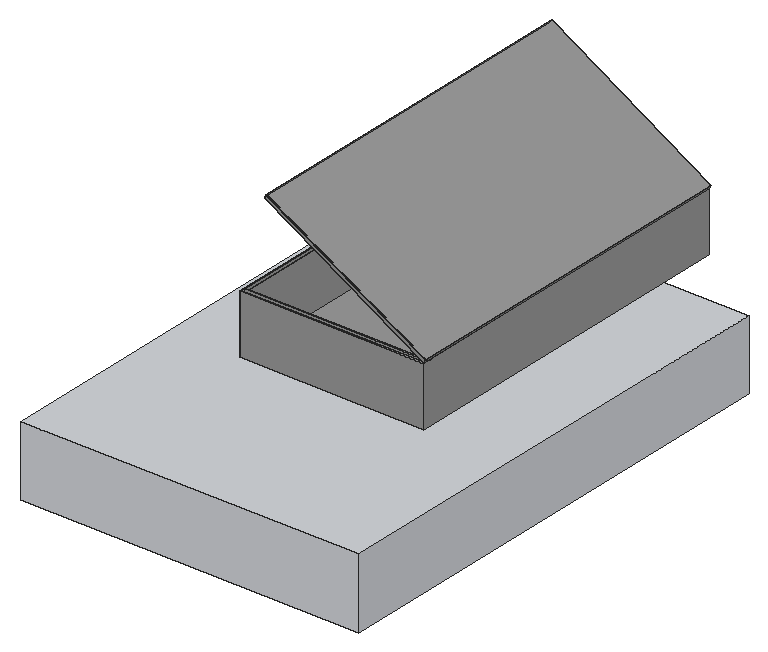
Revit family "Hager-Univers-IP55-D275-H1550-Cl.I-Steel_encl-CH-fr", category Equipement électrique, Revit 2020
Family settings
  Hôte = Face
  Configuration du panneau = Deux colonnes, circuits au sein
  Cote de connecteur circulaire = Utiliser le diamètre
  Type d'élément = Tableau de raccordement
  Couper avec des vides une fois chargée = Non
  Partagée = Non
  Point de calcul de pièce = Non
Parameters (values of type "saillie IP55 L800 H1550 P275  - FR03E")
  Width Control [instance] = if([EF000008 - largeur] > Min Width, [EF000008 - largeur], Min Width)  # 800 mm
  Commentaires du type = [HG000003 - Gamme]  # "Univers"
  Thickness Door [instance] = if([EF009171 - épaisseur de matériau de la porte/du couvercle] > 3 mm, 3 mm, [EF009171 - épaisseur de matériau de la porte/du couvercle])  # 1.5 mm
  Seal Frame Offset [instance] = 17 mm  # constant formula
  Plinth Visibility [instance] = [HG000027 - Hauteur du socle] > 0 mm  # no
  Model = ""
  Min Width [instance] = 100 mm  # constant formula
  Min Height [instance] = 100 mm  # constant formula
  Min Depth [instance] = (2 * [EF009170 - épaisseur de matériau du boîtier]) + 1 mm  # 4 mm
  Internal Frame Depth [instance] = (Door System Depth * 0.5)  # 9 mm
  Height Control [instance] = if([EF000040 - hauteur] > Min Height, [EF000040 - hauteur], Min Height)  # 1550 mm
  HG000027 - Hauteur du socle = 0 mm
  HG000026 - Installation au sol = no
  HG000024 - Hauteur de la section basse = 800 mm
  HG000023 - Armoire double section = no
  HG000016 - Visibilité de la porte 3D [instance] = yes
  HG000015 - Visibilité de l'emprise de la porte [instance] = no
  HG000014 - Porte à droite [instance] = yes
  HG000013 - Porte à gauche [instance] = not([HG000014 - Porte à droite])  # no
  HG000012 - Angle de pivotement de la porte [instance] = 30.00°
  HG000010 - Portes asymétriques = no
  HG000009 - Porte à double battant = no
  HG000006 - Encastré = no
  HG000004 - Référence fabricant = "FR03E"
  HG000003 - Gamme = "Univers"
  HG000002 - avec porte = yes
  Frame Offset Bottom [instance] = 10 mm  # constant formula
  Frame Offset [instance] = 15 mm  # constant formula
  EF015940 - couvercle avec décharge de pression = no
  EF011959 - degré de protection (NEMA) = ""
  EF009554 - nombre d'ouvertures pour plaques à bride = 6
  Fabricant = "Hager"  # constant formula
  EF009212 - finition du couvercle = "EV000116 - fermé"
  EF009171 - épaisseur de matériau de la porte/du couvercle = 1.5 mm
  EF009170 - épaisseur de matériau du boîtier = 1.5 mm
  EF008873 - courant nominal (In) = 800 A
  EF007800 - adapté à un parafoudre = no
  EF006306 - avec serrure = no
  EF006244 - couvercle/porte transparent(e) = no
  EF005474 - indice de protection (IP) = "EV006420 - IP55"
  EF004464 - type de porte = "EV002646 - unique"
  EF004427 - nombre de modules = 360
  EF004293 - indice de protection contre les chocs (IK) = "EV008784 - IK10"
  EF003532 - convient pour utilisation à l’extérieur = no
  EF002950 - largeur en nombre de modules = 24
  EF001613 - maintien de fonction = "EV000494 - sans"
  EF001596 - matériau du boîtier/corps = "EV000179 - acier"
  EF001131 - profondeur intérieure = 275 mm
  EF001088 - possibilité de montage en saillie = yes
  EF000437 - nombre d'entrées de conduit = 6
  EF000339 - type de capot = "EV004216 - porte"
  EF000266 - nombre de rangées = 10
  EF000218 - profondeur d'encastrement = 0 mm
  EF000118 - avec cadre/support de montage = no
  EF000116 - numéro RAL = "7035"
  EF000049 - profondeur = 275 mm
  EF000040 - hauteur = 1550 mm
  EF000008 - largeur = 800 mm
  EF000007 - couleur = "EV000270 - gris"
  EF000003 - mode de pose = "EV000384 - saillie"
  Door System Leaf Tolerance [instance] = 1.5 mm  # constant formula
  Door System Depth [instance] = 18 mm  # constant formula
  Door Height [instance] = Height Control - [HG000027 - Hauteur du socle]  # 1550 mm
  Depth Control [instance] = if([EF000049 - profondeur] > Min Depth, [EF000049 - profondeur], Min Depth)  # 275 mm
  Default Elevation = 0 mm
  Connector Offset [instance] = Height Control / 2  # 775 mm
  Bottom Top Plate Trim [instance] = 1.5 mm  # constant formula
  Plinth height Ctrl [instance] = if([HG000027 - Hauteur du socle] > 0 mm, [HG000027 - Hauteur du socle], 12 mm)  # 12 mm
Types (5, lengths in mm): name | Width Control | HG000010 - Portes asymétriques | HG000009 - Porte à double battant | HG000004 - Référence fabricant | EF009554 - nombre d'ouvertures pour plaques à bride | EF004464 - type de porte | EF004427 - nombre de modules | EF000437 - nombre d'entrées de conduit | EF000008 - largeur
  saillie IP55 L1050 H1550 P275  - FR04E | 1050 | no | yes | "FR04E" | 8 | "EV003602 - double" | 480 | 8 | 1050
  saillie IP55 L1300 H1550 P275  - FR05E | 1300 | yes | yes | "FR05E" | 10 | "EV003602 - double" | 600 | 10 | 1300
  saillie IP55 L300 H1550 P275  - FR01E | 300 | no | no | "FR01E" | 2 | "EV002646 - unique" | 120 | 2 | 300
  saillie IP55 L550 H1550 P275  - FR02E | 550 | no | no | "FR02E" | 4 | "EV002646 - unique" | 240 | 4 | 550
  saillie IP55 L800 H1550 P275  - FR03E | 800 | no | no | "FR03E" | 6 | "EV002646 - unique" | 360 | 6 | 800
Reference planes
  plane 1 "Center (Front/Back)": y = 0
  plane 2: z = 0
  plane 3 "Center (Left/Right)": x = 0
  plane 4: z = 275
  plane 5: y = 1.5
  plane 6: y = 775
  plane 7: y = 0
  plane 8: y = 1550
  plane 9: z = 0
  plane 10: x = -385
  plane 11: x = 385
  plane 12: x = 383.5
  plane 13: x = -383.5
  plane 14: y = 1548.5
  plane 15: x = -383
  plane 16: x = -400
  plane 17: x = 383
  plane 18: x = 400
  plane 19: x = 398.5
  plane 20: x = -398.5
  plane 21: y = 11.5
  plane 22: y = 1550
  plane 23: y = 1533.5
  plane 24: z = 257
  plane 25: z = 1.5
  plane 26: z = 255.5
  plane 27: z = 273.5
Forms (mm)
  Extrusion 1, solid
    sketch origin (0, 0, 0) x (1, 0, 0) y (0, 1, 0)
      loop
        line (-702.964, 1305) -> (-702.964, -811.445) -> (766.763, -811.445) -> (766.763, 1305) -> (-702.964, 1305)
    from 0 to -304.8
  Extrusion 2, solid, material "Hager_Steel_RAL7035_Light_Grey", visible <- "Plinth Visibility", detail levels medium+fine
    sketch origin (0, 0, 0) x (1, 0, 0) y (0, 1, 0)
      loop
        line (-400, 0) -> (400, 0) -> (400, 12) -> (-400, 12) -> (-400, 0)
    from 0 to 257
  Extrusion 3, solid, material "Hager_Steel_RAL7035_Light_Grey", detail levels medium+fine
    sketch origin (0, 0, 0) x (1, 0, 0) y (0, 1, 0)
      loop
        line (-400, 0) -> (400, 0) -> (400, 1550) -> (-400, 1550) -> (-400, 0)
    from 0 to 257
  Extrusion 4, void
    sketch origin (0, 0, 0) x (1, 0, 0) y (0, 1, 0)
      loop
        line (-398.5, 1.5) -> (398.5, 1.5) -> (398.5, 1548.5) -> (-398.5, 1548.5) -> (-398.5, 1.5)
    from 1.5 to 255.5
  Extrusion 5, void
    sketch origin (-381.607, -4572, 257) x (0, -1, 0) y (-1, 0, 0)
      loop
        line (-4583.5, 1.893) -> (-6105.5, 1.893) -> (-6105.5, -765.107) -> (-4583.5, -765.107) -> (-4583.5, 1.893)
    from 0 to 1.5 <- "EF009170 - épaisseur de matériau du boîtier"
  Extrusion 6, solid, material "Hager_Steel_RAL7035_Light_Grey", detail levels fine
    sketch origin (0, 0, 257) x (1, 0, 0) y (0, 1, 0)
      loop
        line (-383.5, 1533.5) -> (-383.5, 11.5) -> (383.5, 11.5) -> (383.5, 1533.5) -> (-383.5, 1533.5)
      loop
        line (-385, 10) -> (385, 10) -> (385, 1535) -> (-385, 1535) -> (-385, 10)
    from 0 to 9 <- "Internal Frame Depth"
  Extrusion 7, solid, material "Hager_Steel_RAL7035_Light_Grey", detail levels coarse
    sketch origin (0, 0, 0) x (1, 0, 0) y (0, 1, 0)
      loop
        line (-400, 0) -> (400, 0) -> (400, 1550) -> (-400, 1550) -> (-400, 0)
    from 0 to 275
  Sweep 8, void
    path in 3D
      loop
        line (-400, 12, 0) -> (400, 12, 0) -> (400, 12, 257) -> (-400, 12, 257) -> (-400, 12, 0)
    profile origin (-400, 12, 128.5) x (-1, 0, 0) y (0, -1, 0)
      loop
        line (0, 0) -> (0, 1.5) -> (-1.5, 1.5)
        arc (-1.5, 1.5) -> (-1.061, 0.439) -> (0, 0) r 1.5
Cuts and joins
  Extrusion 4, Extrusion 5 cuts Extrusion 3
  Sweep 8 cuts Extrusion 2
Lines and regions (mm)
  Masking region 1
    outline origin (0, 0, 0) x (1, 0, 0) y (0, 0, 1)
      loop
        line (-400, 275) -> (-400, 0) -> (400, 0) -> (400, 275) -> (-400, 275)
  Masking region 2, detail levels medium+fine
    outline origin (0, 140, 0) x (0, 1, 0) y (0, 0, 1)
      loop
        line (-140, 0) -> (1410, 0) -> (1410, 257) -> (-140, 257) -> (-140, 0)
  Masking region 3, not visible, detail levels medium+fine
    outline origin (0, 297.922, 0) x (0, 1, 0) y (0, 0, 1)
      loop
        line (488.578, 0) -> (528.578, 0) -> (528.578, 263.5)
        arc (528.578, 263.5) -> (525.649, 270.571) -> (518.578, 273.5) r 10
        line (518.578, 273.5) -> (488.578, 273.5) -> (488.578, 0)
  Masking region 4, detail levels coarse
    outline origin (0, 0, 180) x (0, 1, 0) y (0, 0, 1)
      loop
        line (0, -180) -> (1550, -180) -> (1550, 95) -> (0, 95) -> (0, -180)
  Masking region 5, visible <- "Plinth Visibility", detail levels medium+fine
    outline origin (0, 52.24, 12.345) x (0, 0, -1) y (0, 1, 0)
      loop
        line (10.845, -40.24) -> (-243.155, -40.24)
        arc (-243.155, -40.24) -> (-243.594, -41.301) -> (-244.655, -41.74) r 1.5
        line (-244.655, -41.74) -> (-244.655, -52.24) -> (12.345, -52.24) -> (12.345, -41.74)
        arc (12.345, -41.74) -> (11.285, -41.301) -> (10.845, -40.24) r 1.5
  Masking region 6, detail levels medium+fine
    outline origin (-381.607, -4572, 257) x (-1, 0, 0) y (0, -1, 0)
      loop
        line (18.393, -6122) -> (18.393, -4572) -> (-781.607, -4572) -> (-781.607, -6122) -> (18.393, -6122)
  Masking region 7, visible <- "Plinth Visibility", detail levels medium+fine
    outline origin (-381.607, -4727, 257) x (-1, 0, 0) y (0, -1, 0)
      loop
        arc (16.893, -4739) -> (17.332, -4737.939) -> (18.393, -4737.5) r 1.5
        line (18.393, -4737.5) -> (18.393, -4727) -> (-781.607, -4727) -> (-781.607, -4737.5)
        arc (-781.607, -4737.5) -> (-780.546, -4737.939) -> (-780.107, -4739) r 1.5
        line (-780.107, -4739) -> (16.893, -4739)
  Masking region 8, detail levels coarse
    outline origin (-442.548, -4669.526, 257) x (-1, 0, 0) y (0, -1, 0)
      loop
        line (-42.548, -6219.526) -> (-42.548, -4669.526) -> (-842.548, -4669.526) -> (-842.548, -6219.526) -> (-42.548, -6219.526)
  sketch lines
    curve 1: line (-400, 12, 257) -> (-400, 12, 0)
    curve 2: line (400, 12, 257) -> (-400, 12, 257)
    curve 3: line (400, 12, 257) -> (400, 12, 0)
    curve 4: line (-400, 12, 0) -> (400, 12, 0)
Dimensions and locks
  "Depth Control": plane 4 to Extrusion 1
  "HG000027 - Hauteur du socle": plane 1 "Center (Front/Back)" to plane 7
  "EF009170 - épaisseur de matériau du boîtier": plane 5 to plane 7
  locked: connector elem to plane 3 "Center (Left/Right)"
  equal spacing: plane 8, plane 6, plane 7
  locked: connector elem to plane 6
  "EF009170 - épaisseur de matériau du boîtier": plane 8 to plane 14
  "EF009170 - épaisseur de matériau du boîtier": plane 10 to plane 13
  "EF009170 - épaisseur de matériau du boîtier": plane 12 to plane 11
  "Frame Offset": plane 20 to plane 13
  "Frame Offset": plane 12 to plane 19
  "EF009170 - épaisseur de matériau du boîtier": plane 16 to plane 20
  "EF009170 - épaisseur de matériau du boîtier": plane 19 to plane 18
  "Seal Frame Offset": plane 16 to plane 15
  "Seal Frame Offset": plane 17 to plane 18
  "Frame Offset Bottom": plane 21 to plane 5
  "Frame Offset": plane 14 to plane 23
  equal spacing: plane 16, plane 3 "Center (Left/Right)", plane 18
  "Width Control": plane 16 to plane 18
  "EF009170 - épaisseur de matériau du boîtier": plane 4 to plane 27
  "EF009170 - épaisseur de matériau du boîtier": plane 24 to plane 26
  "EF009170 - épaisseur de matériau du boîtier": plane 25 to level
  "Door System Depth": plane 4 to plane 24
  "Height Control": plane 1 "Center (Front/Back)" to Extrusion 7 sketch curve
  "Height Control": Masking region 4 sketch curve to plane 1 "Center (Front/Back)"
  "Height Control": plane 1 "Center (Front/Back)" to plane 22
  "Bottom Top Plate Trim": profile plane to Sweep 8 sketch curve
  "Bottom Top Plate Trim": Sweep 8 sketch curve to profile plane
  "Plinth height Ctrl": plane 1 "Center (Front/Back)" to Extrusion 2 sketch curve
  "Plinth height Ctrl": Masking region 5 sketch curve to plane 1 "Center (Front/Back)"
  "Plinth height Ctrl": plane 1 "Center (Front/Back)" to Masking region 7 sketch curve
  "Thickness Door": Extrusion 6 sketch curve to Extrusion 6 sketch curve  (x3)
  "Thickness Door": cut or joined group of Extrusion 3, Extrusion 4, Extrusion 5 to Extrusion 6 sketch curve
  radius of Masking region 3 sketch curve = 10 mm
  "Bottom Top Plate Trim": radius of Masking region 5 sketch curve  (x2)
  "Bottom Top Plate Trim": radius of Sweep 8 sketch curve
  "Bottom Top Plate Trim": radius of Masking region 7 sketch curve  (x2)
  aligned and locked: plane 2 to Extrusion 1
  aligned and locked: level to Extrusion 1
  aligned and locked: level to Masking region 1 sketch curve
  aligned and locked: Masking region 1 sketch curve to plane 18
  aligned and locked: Masking region 1 sketch curve to plane 16
  aligned and locked: plane 7 to Masking region 2 sketch curve
  aligned and locked: level to Masking region 3 sketch curve
  aligned and locked: Masking region 3 sketch curve to plane 27
  aligned and locked: level to Masking region 2 sketch curve
  aligned and locked: plane 1 "Center (Front/Back)" to Extrusion 2 sketch curve
  aligned and locked: Extrusion 3 sketch curve to plane 7
  aligned and locked: plane 16 to Extrusion 3 sketch curve
  aligned and locked: plane 18 to Extrusion 3 sketch curve
  aligned and locked: plane 20 to Extrusion 4 sketch curve
  aligned and locked: plane 19 to Extrusion 4 sketch curve
  aligned and locked: Extrusion 4 sketch curve to plane 5
  aligned and locked: Extrusion 4 to plane 25
  aligned and locked: plane 26 to Extrusion 4
  aligned and locked: plane 24 to Extrusion 3
  aligned and locked: Extrusion 5 sketch curve to plane 21
  aligned and locked: Extrusion 5 sketch curve to plane 13
  aligned and locked: Extrusion 5 sketch curve to plane 12
  aligned and locked: plane 18 to Extrusion 7 sketch curve
  aligned and locked: plane 1 "Center (Front/Back)" to Extrusion 7 sketch curve
  aligned and locked: plane 16 to Extrusion 7 sketch curve
  aligned and locked: plane 4 to Extrusion 7
  aligned and locked: Extrusion 7 to level
  aligned and locked: level to Masking region 4 sketch curve
  aligned and locked: Masking region 4 sketch curve to plane 1 "Center (Front/Back)"
  aligned and locked: Masking region 4 sketch curve to plane 4
  aligned and locked: nested 1 to level
  aligned and locked: nested 1 to plane 16
  aligned and locked: plane 8 to Extrusion 3 sketch curve
  aligned and locked: plane 23 to Extrusion 5 sketch curve
  aligned and locked: plane 14 to Extrusion 4 sketch curve
  aligned and locked: Masking region 2 sketch curve to plane 8
  aligned and locked: level to Masking region 5 sketch curve
  aligned and locked: plane 16 to Extrusion 2 sketch curve
  aligned and locked: plane 18 to Extrusion 2 sketch curve
  aligned and locked: Masking region 5 sketch curve to plane 24
  aligned and locked: Masking region 2 sketch curve to plane 24
  aligned and locked: plane 24 to Extrusion 2
  aligned and locked: profile plane to Sweep 8 sketch curve  (x2)
  aligned and locked: Masking region 6 sketch curve to plane 18
  aligned and locked: Masking region 6 sketch curve to plane 22
  aligned and locked: Masking region 6 sketch curve to plane 16
  aligned and locked: plane 8 to plane 22
  aligned and locked: Masking region 6 sketch curve to plane 7
  aligned and locked: Masking region 7 sketch curve to plane 16
  aligned and locked: Masking region 7 sketch curve to plane 1 "Center (Front/Back)"
  aligned and locked: Masking region 7 sketch curve to plane 18
  aligned and locked: Masking region 8 sketch curve to plane 1 "Center (Front/Back)"
  aligned and locked: Masking region 8 sketch curve to plane 18
  aligned and locked: Masking region 8 sketch curve to plane 22
  aligned and locked: Masking region 8 sketch curve to plane 16
  aligned and locked: nested 2 to plane 7
  aligned and locked: plane 3 "Center (Left/Right)" to nested 2
  aligned and locked: nested 2 to plane 24
  aligned and locked: Extrusion 6 sketch curve to cut or joined group of Extrusion 3, Extrusion 4, Extrusion 5  (x4)
Automatic sketch dimensions
  Extrusion 1 sketch curve to Extrusion 1 sketch curve = 1469.727 mm
  Extrusion 1 sketch curve to Extrusion 1 sketch curve = 2116.445 mm
  Masking region 1 sketch curve to plane 4 = 0 mm
  plane 6 to Masking region 3 sketch curve = 11.5 mm
  Masking region 3 sketch curve to Masking region 3 sketch curve = 30 mm
  Masking region 5 sketch curve to plane 1 "Center (Front/Back)" = 0 mm
Nested families
  nested 1: "Hager_Enclosure_Symbol" at (-400, 0, 0) x (1, 0, 0) z (0, -1, 0), Height <- "Depth Control", Width <- "Width Control", type "Hager_Enclosure_Symbol"
    with Width_Ctrl 800 mm, Width 800 mm, Height_Ctrl 275 mm, Height 275 mm, A_Width_Int 18.047 mm, A_Width 216.562 mm, A_Height_Ctrl 240.625 mm, A_Height 240.625 mm
  nested 2: "EC000058_Univers_Door" at (0, 0, 257) x (1, 0, 0) z (0, 1, 0), Leaf_Tolerance <- "Door System Leaf Tolerance", Angle <- "HG000012 - Angle de pivotement de la porte", Door_Depth <- "Door System Depth", Door_Left <- "HG000013 - Porte à gauche", Transparent <- "EF006244 - couvercle/porte transparent(e)", Assymetrical <- "HG000010 - Portes asymétriques", Width <- "Width Control", Clearance <- "HG000015 - Visibilité de l'emprise de la porte", Double <- "HG000009 - Porte à double battant", 3d_Door <- "HG000016 - Visibilité de la porte 3D", Lock_Visibility <- "EF006306 - avec serrure", Width_Ctrl <- "Width Control", Door_Right <- "HG000014 - Porte à droite", Door <- "HG000002 - avec porte", Height <- "Door Height", Thickness <- "Thickness Door", type "EC000058_Univers_Door", detail levels medium+fine
    with min_wh 4 mm, Width_Ctrl 800 mm, Width 800 mm, Transparent no, Thickness 1.5 mm, Seal_Material Hager_Rubber, Lock_Visibility no, Lock_Material Hager_Plastic_RAL9005_Jet_Black, Leaf_Width 800 mm, Leaf_Tolerance_External_Sides 0 mm, Leaf_Tolerance 1.5 mm, Leaf_Offset 0 mm, Leaf_Height 1547 mm, Leaf_2_Width 800 mm, Leaf_2_Offset 400 mm, Leaf_1_Width 800 mm, Leaf_1_Offset 400 mm, Height_Ctrl 1550 mm, Height 1550 mm, Glass_Material Hager_Glass, Double_Clearance_Ctrl no, Double no, Door_Right_Ctrl yes, Door_Right yes, Door_Material Hager_Steel_RAL7035_Light_Grey, Door_Left_Ctrl no, Door_Left no, Door_Depth 18 mm, Door yes, Clearance_Material Hager_Clearance, Clearance_Depth 800 mm, Clearance_Ctrl no, Clearance no, Assymetrical no, Angle 30.00°, 3d_Door yes
Connectors
  electrical at (0, 775, 0)
    settings: on plane 9, index 1, voltage 0 V, apparent load 0 VA, apparent load phase1 0 VA, apparent load phase2 0 VA, apparent load phase3 0 VA, power factor 1, load classification "Other", number of poles 1, system type 30, power factor state 1, is connector primary yes, connector utility no, sub classification motor no, connector description ""
Definition of nested family "EC000058_Univers_Door"
  Parameters (values of type "EC000058_Univers_Door")
    min_wh [instance] = (2 * Thickness) + 1 mm  # 11 mm
    Width_Ctrl [instance] = 400 mm
    Width [instance] = 500 mm
    Transparent [instance] = yes
    Thickness [instance] = 5 mm
    Seal_Material [instance] = none
    Lock_Visibility [instance] = yes
    Lock_Material [instance] = none
    Leaf_Width [instance] = if((Width_Ctrl - 2 * Leaf_Tolerance_External_Sides) > 0 mm, (Width_Ctrl - 2 * Leaf_Tolerance_External_Sides), min_wh)  # 400 mm
    Leaf_Tolerance_External_Sides [instance] = 0 mm  # constant formula
    Leaf_Tolerance [instance] = 1.5 mm
    Leaf_Offset [instance] = 0 mm  # constant formula
    Leaf_Height [instance] = if((Height_Ctrl - 2 * Leaf_Tolerance) > 0 mm, (Height_Ctrl - 2 * Leaf_Tolerance), min_wh)  # 497 mm
    Leaf_2_Width [instance] = if(and(and(Double, Assymetrical), Door_Left), (Leaf_Width / 3) - (Leaf_Tolerance / 2), if(and(and(Double, Assymetrical), Door_Right), (Leaf_Width / 3) * 2 - (Leaf_Tolerance / 2), if(and(Double, not(Assymetrical)), (Leaf_Width / 2) - Leaf_Tolerance, Leaf_Width)))  # 400 mm
    Leaf_2_Offset [instance] = if(and(Double, Assymetrical), Leaf_2_Width / 2, if(and(Double, not(Assymetrical)), Leaf_Width / 4, Leaf_Width / 2))  # 200 mm
    Leaf_1_Width [instance] = if(and(and(Double, Assymetrical), Door_Right), (Leaf_Width / 3) - (Leaf_Tolerance / 2), if(and(and(Double, Assymetrical), Door_Left), (Width / 3) * 2 - (Leaf_Tolerance / 2), if(and(Double, not(Assymetrical)), (Leaf_Width / 2) - Leaf_Tolerance, Leaf_Width)))  # 400 mm
    Leaf_1_Offset [instance] = if(and(Double, Assymetrical), Leaf_1_Width / 2, if(and(Double, not(Assymetrical)), Leaf_Width / 4, Leaf_Width / 2))  # 200 mm
    Height_Ctrl [instance] = if(Height > min_wh, Height, min_wh)  # 500 mm
    Height [instance] = 500 mm
    Glass_Material [instance] = none
    Double_Clearance_Ctrl [instance] = and(Double, Clearance)  # no
    Double [instance] = no
    Door_Right_Ctrl [instance] = and(or(Door_Right, Double), Door)  # yes
    Door_Right [instance] = yes
    Door_Material [instance] = none
    Door_Left_Ctrl [instance] = and(or(Door_Left, Double), Door)  # no
    Door_Left [instance] = no
    Door_Depth [instance] = 30 mm
    Door [instance] = yes
    Default Elevation = 1219.2 mm
    Clearance_Material [instance] = none
    Clearance_Depth [instance] = if(Leaf_1_Width > Leaf_2_Width, Leaf_1_Width, Leaf_2_Width)  # 400 mm
    Clearance_Ctrl [instance] = and(not(Double), Clearance)  # yes
    Clearance [instance] = yes
    Assymetrical [instance] = yes
    Angle [instance] = 30.00°
    3d_Door [instance] = yes
  Reference planes
    plane 1 "Center (Front/Back)": y = 0
    plane 2 "Bottom": z = 0
    plane 3 "Center (Left/Right)": x = 0
    plane 4: z = 500
    plane 5: x = -200
    plane 6: x = 200
    plane 7: z = 500
    plane 8: x = -200
    plane 9: z = 0
    plane 10: x = 200
    plane 11: y = 0
    plane 12: z = 1.5
    plane 13: x = -600
    plane 14: y = -400
    plane 15: x = 600
    plane 16: x = 0
    plane 17: x = 0
    plane 18: x = -200
    plane 19: x = 200
    plane 20: z = 498.5
  Forms (mm)
    Extrusion 1, solid, material <- "Clearance_Material", visible <- "Double_Clearance_Ctrl"
      sketch origin (1200, 0, 0) x (1, 0, 0) y (0, 0, -1)
        loop
          line (-1800, -498.5) -> (-600, -498.5) -> (-600, 0) -> (-1800, 0) -> (-1800, -498.5)
      from 0 to -400
  Dimensions and locks
    equal spacing: plane 5, plane 3 "Center (Left/Right)", plane 6
    "Width_Ctrl": plane 5 to plane 6
    "Leaf_Offset": plane 5 to plane 8
    "Leaf_Offset": plane 6 to plane 10
    "Leaf_Offset": plane 9 to level
    "Leaf_Offset": plane 4 to plane 7
    "Height_Ctrl": plane 4 to level
    "Leaf_Tolerance": plane 12 to plane 9
    locked: plane 11 to plane 1 "Center (Front/Back)"
    "Leaf_1_Offset": plane 18 to plane 16
    "Leaf_2_Offset": plane 17 to plane 19
    "Leaf_1_Width": plane 13 to plane 8
    "Leaf_2_Width": plane 10 to plane 15
    "Clearance_Depth": plane 14 to plane 1 "Center (Front/Back)"
    "Leaf_Tolerance_External_Sides": plane 8 to plane 18
    "Leaf_Tolerance_External_Sides": plane 19 to plane 10
    "Leaf_Tolerance": plane 7 to plane 20
    aligned and locked: level to plane 2 "Bottom"
    aligned and locked: nested 1 to plane 16
    aligned and locked: nested 2 to plane 17
    aligned and locked: Extrusion 1 to plane 13
    aligned and locked: plane 15 to Extrusion 1
    aligned and locked: Extrusion 1 to plane 14
    aligned and locked: plane 12 to nested 1
    aligned and locked: nested 2 to plane 12
    aligned and locked: Extrusion 1 to plane 11
    aligned and locked: plane 20 to Extrusion 1
    aligned and locked: nested 2 to plane 11
    aligned and locked: nested 1 to plane 11
  Automatic sketch dimensions
    Extrusion 1 sketch curve to level = 0 mm
    plane 5 to Extrusion 1 sketch curve = 400 mm
    plane 6 to Extrusion 1 sketch curve = 400 mm
    Extrusion 1 sketch curve to plane 4 = 1.5 mm
  Nested families
    nested 1: "EC000058_Univers_Door_Leaf" at (0, 0, 1.5), Width <- "Leaf_1_Width", visible <- "Door_Left_Ctrl", Leaf_Height <- "Leaf_Height", Angle <- "Angle", 3d_Door <- "3d_Door", Transparent <- "Transparent", Clearance Material <- "Clearance_Material", Clearance <- "Clearance_Ctrl", Door_Material <- "Door_Material", Glass_Material <- "Glass_Material", Door_Depth <- "Door_Depth", Lock_Material <- "Lock_Material", Seal_Material <- "Seal_Material", Lock_Visibility <- "Lock_Visibility", Thickness <- "Thickness", type "EC000058_Univers_Door_Leaf"
      with Width 400 mm, Transparent_Glass_Offset 30 mm, Transparent_Ctrl yes, Transparent yes, Thickness 5 mm, Standard no, Seal_Material none, Seal_D2 8 mm, Seal_D1 1 mm, Offset_Internal_Frame 10 mm, Lock_Width 20 mm, Lock_Visibility_3d yes, Lock_Visibility yes, Lock_Thickness_3 3 mm, Lock_Thickness_2 1 mm, Lock_Thickness_1 3 mm, Lock_Radius_Offset_2 16 mm, Lock_Radius_Offset_1 15 mm, Lock_Radius_2 5 mm, Lock_Radius 6 mm, Lock_Offset 5 mm, Lock_Material none, Lock_Height 80 mm, Lock_Cover_Top_Offset_2d 17 mm, Lock_Cover_Height -65 mm, Leaf_Height 497 mm, Internal_Seal_Thickness 8 mm, Internal_Seal_Depth_2 4.5 mm, Internal_Frame_Depth 25 mm, Glass_Thickness -1 mm, Glass_Offset -2 mm, Glass_Material none, Door_Material none, Door_Depth 30 mm, Clearance Material none, Clearance yes, Angle_Ctrl 30.00°, Angle 30.00°, 3d_Door yes
    nested 2: "EC000058_Univers_Door_Leaf" at (0, 0, 1.5) x (-1, 0, 0) z (0, 0, 1), Width <- "Leaf_2_Width", visible <- "Door_Right_Ctrl", Leaf_Height <- "Leaf_Height", Angle <- "Angle", 3d_Door <- "3d_Door", Transparent <- "Transparent", Clearance Material <- "Clearance_Material", Clearance <- "Clearance_Ctrl", Door_Material <- "Door_Material", Glass_Material <- "Glass_Material", Door_Depth <- "Door_Depth", Lock_Material <- "Lock_Material", Seal_Material <- "Seal_Material", Lock_Visibility <- "Lock_Visibility", Thickness <- "Thickness", type "EC000058_Univers_Door_Leaf"
      with Width 400 mm, Transparent_Glass_Offset 30 mm, Transparent_Ctrl yes, Transparent yes, Thickness 5 mm, Standard no, Seal_Material none, Seal_D2 8 mm, Seal_D1 1 mm, Offset_Internal_Frame 10 mm, Lock_Width 20 mm, Lock_Visibility_3d yes, Lock_Visibility yes, Lock_Thickness_3 3 mm, Lock_Thickness_2 1 mm, Lock_Thickness_1 3 mm, Lock_Radius_Offset_2 16 mm, Lock_Radius_Offset_1 15 mm, Lock_Radius_2 5 mm, Lock_Radius 6 mm, Lock_Offset 5 mm, Lock_Material none, Lock_Height 80 mm, Lock_Cover_Top_Offset_2d 17 mm, Lock_Cover_Height -65 mm, Leaf_Height 497 mm, Internal_Seal_Thickness 8 mm, Internal_Seal_Depth_2 4.5 mm, Internal_Frame_Depth 25 mm, Glass_Thickness -1 mm, Glass_Offset -2 mm, Glass_Material none, Door_Material none, Door_Depth 30 mm, Clearance Material none, Clearance yes, Angle_Ctrl 30.00°, Angle 30.00°, 3d_Door yes
  Definition of nested family "EC000058_Univers_Door_Leaf"
    Parameters (values of type "EC000058_Univers_Door_Leaf")
      Width [instance] = 2000 mm
      Transparent_Glass_Offset [instance] = 30 mm
      Transparent_Ctrl [instance] = and(Transparent, [3d_Door])  # yes
      Transparent [instance] = yes
      Thickness [instance] = 5 mm
      Standard [instance] = and(not(Transparent), [3d_Door])  # no
      Seal_Material [instance] = none
      Seal_D2 [instance] = 8 mm  # constant formula
      Seal_D1 [instance] = 1 mm  # constant formula
      Offset_Internal_Frame [instance] = 10 mm  # constant formula
      Lock_Width [instance] = 20 mm  # constant formula
      Lock_Visibility_3d [instance] = and(Lock_Visibility, [3d_Door])  # yes
      Lock_Visibility [instance] = yes
      Lock_Thickness_3 [instance] = 3 mm  # constant formula
      Lock_Thickness_2 [instance] = 1 mm  # constant formula
      Lock_Thickness_1 [instance] = 3 mm  # constant formula
      Lock_Radius_Offset_2 [instance] = Lock_Radius_Offset_1 + 1 mm  # 16 mm
      Lock_Radius_Offset_1 [instance] = 15 mm  # constant formula
      Lock_Radius_2 [instance] = Lock_Radius - 1 mm  # 5 mm
      Lock_Radius [instance] = 6 mm  # constant formula
      Lock_Offset [instance] = 5 mm  # constant formula
      Lock_Material [instance] = none
      Lock_Height [instance] = 80 mm  # constant formula
      Lock_Cover_Top_Offset_2d [instance] = Lock_Radius_Offset_2 + 1 mm  # 17 mm
      Lock_Cover_Height [instance] = -(Lock_Height - Lock_Radius_Offset_1)  # -65 mm
      Leaf_Height [instance] = 2720.336 mm
      Internal_Seal_Thickness [instance] = 8 mm  # constant formula
      Internal_Seal_Depth_2 [instance] = 4.5 mm  # constant formula
      Internal_Frame_Depth [instance] = if(Door_Depth - Thickness > 5 mm, Door_Depth - Thickness, 5 mm)  # 25 mm
      Glass_Thickness [instance] = if(Thickness > 15 mm, Glass_Offset + 10 mm, -1 mm)  # -1 mm
      Glass_Offset [instance] = if(Thickness > 15 mm, -(Thickness + 10 mm) / 2, -2 mm)  # -2 mm
      Glass_Material [instance] = none
      Door_Material [instance] = none
      Door_Depth [instance] = 30 mm
      Default Elevation = 0 mm
      Clearance Material [instance] = none
      Clearance [instance] = yes
      Angle_Ctrl [instance] = if(Angle > 180.00°, 180.00°, Angle)  # 90.00°
      Angle [instance] = 90.00°
      3d_Door [instance] = yes
    Reference planes
      plane 1 "Center (Front/Back)": y = 0
      plane 2: z = 0
      plane 3 "Center (Left/Right)": x = 0
      plane 4: y = 2000
      plane 5: x = -1000
      plane 6: x = 1000
      plane 7: x = -3000
      plane 8: z = 2720.336
      plane 9: z = 30
      plane 10: z = 2690.336
      plane 11: x = 970
      plane 12: x = -970
      plane 13: y = -3
      plane 14: z = 107.833
      plane 15: y = -5
      plane 16: y = -223.314
      plane 17: x = -1000
      plane 18: z = 1360.168
      plane 19: y = 30
    Forms (mm)
      Extrusion 1, solid, material <- "Clearance Material", visible <- "Clearance"
        sketch origin (0, 0, 0) x (1, 0, 0) y (0, 0, 1)
          loop
            line (-3000, 2720.336) -> (-3000, 0) -> (1000, 0) -> (1000, 2720.336) -> (-3000, 2720.336)
        from 0 to -2000
      Extrusion 2, solid, material <- "Door_Material", visible <- "Standard", detail levels medium+fine
        sketch origin (-1000, 0, 0) x (0, 1, 0) y (-1, 0, 0)
          loop
            line (0, 30) -> (0, 25) -> (2000, 25) -> (2000, 30) -> (0, 30)
        from 0 to 2720.336 <- "Leaf_Height"
      Extrusion 3, solid, material <- "Door_Material", visible <- "Transparent_Ctrl", detail levels medium+fine
        sketch origin (-1000, 0, 0) x (0, 1, 0) y (-1, 0, 0)
          loop
            line (0, 25) -> (2000, 25) -> (2000, 30) -> (0, 30) -> (0, 25)
        from 0 to 2720.336 <- "Leaf_Height"
      Extrusion 4, void
        sketch origin (-1025, 2000, 0) x (0, 1, 0) y (0, 0, -1)
          loop
            line (-30, -2690.336) -> (-30, -30) -> (-1970, -30) -> (-1970, -2690.336) -> (-30, -2690.336)
        from 0 to 5 <- "Thickness"
      Sweep 5, solid, material <- "Seal_Material", visible <- "Transparent_Ctrl", detail levels fine
        path in 3D
          loop
            line (-1025, 30, 30) -> (-1025, 30, 2690.336) -> (-1025, 1970, 2690.336) -> (-1025, 1970, 30) -> (-1025, 30, 30)
        profile origin (-1025, 1000, 30) x (1, 0, 0) y (0, 0, 1)
          loop
            line (0, 0) -> (0, -8) -> (1, -8) -> (1, 0) -> (0, 0)
      Extrusion 6, solid, material <- "Glass_Material", visible <- "Transparent_Ctrl", detail levels medium+fine
        sketch origin (-1030, 0, 0) x (0, 1, 0) y (0, 0, -1)
          loop
            line (1970, -2690.336) -> (1970, -30) -> (30, -30) -> (30, -2690.336) -> (1970, -2690.336)
        from -2 <- "Glass_Offset" to -1 <- "Glass_Thickness"
      Extrusion 7, solid, material <- "Door_Material", visible <- "3d_Door", detail levels medium+fine
        sketch origin (-1025, 2000, 0) x (0, -1, 0) y (0, 0, -1)
          loop
            line (0, -2720.336) -> (2000, -2720.336) -> (2000, 0) -> (0, 0) -> (0, -2720.336)
          loop
            line (1995, -5) -> (5, -5) -> (5, -2715.336) -> (1995, -2715.336) -> (1995, -5)
        from 0 to 25 <- "Internal_Frame_Depth"
      Sweep 8, solid, material <- "Seal_Material", visible <- "Transparent_Ctrl", detail levels fine
        path in 3D
          loop
            line (-1025, 0, 0) -> (-1025, 2000, 0) -> (-1025, 2000, 2720.336) -> (-1025, 0, 2720.336) -> (-1025, 0, 0)
        profile origin (-1025, 0, 1360.168) x (1, 0, 0) y (0, 1, 0)
          loop
            line (0, 10) -> (2.975, 10)
            arc (2.975, 10) -> (4.053, 10.447) -> (4.5, 11.525) r 1.525
            line (4.5, 11.525) -> (4.5, 16.527)
            arc (4.5, 16.527) -> (4.069, 17.569) -> (3.027, 18) r 1.473
            line (3.027, 18) -> (0, 18) -> (0, 10)
      Extrusion 9, solid, material <- "Lock_Material", visible <- "Lock_Visibility_3d", detail levels fine
        sketch origin (-1030, 0, 0) x (0, 1, 0) y (0, 0, -1)
          loop
            arc (1993.5, -1400.168) -> (1994.561, -1399.729) -> (1995, -1398.668) r 1.5
            line (1995, -1398.668) -> (1995, -1320.168) -> (1975, -1320.168) -> (1975, -1398.668)
            arc (1975, -1398.668) -> (1975.439, -1399.729) -> (1976.5, -1400.168) r 1.5
            line (1976.5, -1400.168) -> (1993.5, -1400.168)
        from 3 <- "Lock_Thickness_1" to 0
      Blend 10, solid, material <- "Lock_Material", visible <- "Lock_Visibility_3d", detail levels fine
        base sketch origin (-1033, 0, 0) x (0, 1, 0) y (0, 0, -1)
          loop
            line (1975, -1320.168) -> (1975, -1398.668)
            arc (1975, -1398.668) -> (1975.439, -1399.729) -> (1976.5, -1400.168) r 1.5
            line (1976.5, -1400.168) -> (1993.5, -1400.168)
            arc (1993.5, -1400.168) -> (1994.561, -1399.729) -> (1995, -1398.668) r 1.5
            line (1995, -1398.668) -> (1995, -1320.168) -> (1975, -1320.168)
        top sketch origin (-1033, 0, 0) x (0, 1, 0) y (0, 0, -1)
          loop
            line (1976, -1320.168) -> (1976, -1398.668)
            arc (1976, -1398.668) -> (1976.146, -1399.022) -> (1976.5, -1399.168) r 0.5
            line (1976.5, -1399.168) -> (1993.5, -1399.168)
            arc (1993.5, -1399.168) -> (1993.854, -1399.022) -> (1994, -1398.668) r 0.5
            line (1994, -1398.668) -> (1994, -1320.168) -> (1976, -1320.168)
        from 0 to 1 <- "Lock_Thickness_2"
      Blend 11, solid, material <- "Lock_Material", visible <- "Lock_Visibility_3d", detail levels fine
        base sketch origin (-1034, 0, 0) x (0, 1, 0) y (0, 0, -1)
          loop
            line (1978, -1320.168) -> (1978, -1384.168)
            arc (1978, -1384.168) -> (1985, -1391.168) -> (1992, -1384.168) r 7
            line (1992, -1384.168) -> (1992, -1320.168) -> (1978, -1320.168)
        top sketch origin (-1034, 0, 0) x (0, 1, 0) y (0, 0, -1)
          loop
            line (1991, -1320.168) -> (1979, -1320.168) -> (1979, -1383.168)
            arc (1979, -1383.168) -> (1985, -1389.168) -> (1991, -1383.168) r 6
            line (1991, -1383.168) -> (1991, -1320.168)
        from 0 to 3 <- "Lock_Thickness_3"
      Extrusion 12, solid, material <- "Lock_Material", visible <- "Lock_Visibility_3d", detail levels fine
        sketch origin (-1030, 1975, 1320.168) x (1, 0, 0) y (0, -1, 0)
          loop
            line (-7, -19) -> (-7, -1) -> (0, -1) -> (0, 0) -> (-8, 0) -> (-8, -20) -> (0, -20) -> (0, -19) -> (-7, -19)
        from 0 to -65 <- "Lock_Cover_Height"
      Extrusion 13, void
        sketch origin (-1038, 1995, 1320.168) x (-1, 0, 0) y (0, 0, -1)
          loop
            line (-5, -65) -> (0, -65) -> (-5, -60) -> (-5, -65)
        from 0 to 20 <- "Lock_Width"
      Extrusion 14, void
        sketch origin (-1038, 1975, 1320.168) x (0, -1, 0) y (0, 0, -1)
          loop
            circle (-10, -15.995) r 6
          loop
            circle (-10, -15.995) r 5
        from 0 to 2
      Extrusion 15, solid, material <- "Lock_Material", visible <- "Lock_Visibility_3d", detail levels medium
        sketch origin (-1030, 0, 0) x (0, 1, 0) y (0, 0, -1)
          loop
            arc (1993.5, -1400.168) -> (1994.561, -1399.729) -> (1995, -1398.668) r 1.5
            line (1995, -1398.668) -> (1995, -1320.168) -> (1975, -1320.168) -> (1975, -1398.668)
            arc (1975, -1398.668) -> (1975.439, -1399.729) -> (1976.5, -1400.168) r 1.5
            line (1976.5, -1400.168) -> (1993.5, -1400.168)
        from 8 to 0
    Cuts and joins
      Extrusion 4 cuts Extrusion 3
      Extrusion 13, Extrusion 14 cuts Extrusion 9
      Extrusion 14 cuts Blend 11
      Extrusion 13, Extrusion 14 cuts Extrusion 12
      joined: Extrusion 9, Blend 10, Blend 11, Extrusion 12
      Extrusion 14 cuts Extrusion 15
    Lines and regions (mm)
      Masking region 1, visible <- "Lock_Visibility", detail levels fine
        outline origin (0, 0, 0) x (0, 1, 0) y (0, 0, 1)
          loop
            line (30, 1320.168) -> (33, 1320.168) -> (33, 1400.168) -> (30, 1400.168) -> (30, 1320.168)
      Masking region 2, visible <- "Lock_Visibility", detail levels fine
        outline origin (0, 3.143, 0) x (0, 1, 0) y (0, 0, 1)
          loop
            line (29.857, 1354.168) -> (30.857, 1354.168) -> (30.857, 1366.168) -> (29.857, 1366.168) -> (29.857, 1354.168)
      Masking region 3, detail levels medium+fine
        outline origin (0, 0, 0) x (0, 1, 0) y (0, 0, 1)
          loop
            line (0, 0) -> (30, 0) -> (30, 2720.336) -> (0, 2720.336) -> (0, 0)
      Masking region 4, detail levels medium+fine
        outline origin (0, 0, 0) x (1, 0, 0) y (0, 0, 1)
          loop
            line (-1000, 2720.336) -> (-1000, 0) -> (1000, 0) -> (1000, 2720.336) -> (-1000, 2720.336)
      Masking region 5, visible <- "Lock_Visibility", detail levels fine
        outline origin (-47.116, 0, 0) x (1, 0, 0) y (0, 0, 1)
          loop
            arc (1024.616, 1399.168) -> (1023.556, 1398.729) -> (1023.116, 1397.668) r 1.5
            line (1023.116, 1397.668) -> (1023.116, 1320.168) -> (1041.116, 1320.168) -> (1041.116, 1397.668)
            arc (1041.116, 1397.668) -> (1040.677, 1398.729) -> (1039.616, 1399.168) r 1.5
            line (1039.616, 1399.168) -> (1024.616, 1399.168)
      Masking region 6, visible <- "Lock_Visibility", detail levels medium+fine
        outline origin (-25, 0, 0) x (1, 0, 0) y (0, 0, 1)
          loop
            arc (1001.5, 1400.168) -> (1000.439, 1399.729) -> (1000, 1398.668) r 1.5
            line (1000, 1398.668) -> (1000, 1320.168) -> (1020, 1320.168) -> (1020, 1398.668)
            arc (1020, 1398.668) -> (1019.561, 1399.729) -> (1018.5, 1400.168) r 1.5
            line (1018.5, 1400.168) -> (1001.5, 1400.168)
      Masking region 7, visible <- "Lock_Visibility", detail levels fine
        outline origin (-73.735, 0, 0) x (1, 0, 0) y (0, 0, 1)
          loop
            line (1051.735, 1382.168) -> (1065.735, 1382.168) -> (1065.735, 1384.168)
            arc (1065.735, 1384.168) -> (1058.735, 1391.168) -> (1051.735, 1384.168) r 7
            line (1051.735, 1384.168) -> (1051.735, 1382.168)
      Masking region 8, visible <- "Lock_Visibility", detail levels fine
        outline origin (-73.735, 0, 0) x (1, 0, 0) y (0, 0, 1)
          loop
            line (1052.735, 1382.168) -> (1064.735, 1382.168) -> (1064.735, 1383.168)
            arc (1064.735, 1383.168) -> (1058.735, 1389.168) -> (1052.735, 1383.168) r 6
            line (1052.735, 1383.168) -> (1052.735, 1382.168)
      Masking region 9, visible <- "Lock_Visibility", detail levels fine
        outline origin (-25, 0, 0) x (1, 0, 0) y (0, 0, 1)
          loop
            line (1020, 1320.168) -> (1020, 1382.168) -> (1000, 1382.168) -> (1000, 1320.168) -> (1020, 1320.168)
      Masking region 10, detail levels medium+fine
        outline origin (0, 0, 0) x (1, 0, 0) y (0, 0, 1)
          loop
            circle (985, 1335.144) r 6
      Masking region 11, detail levels fine
        outline origin (0, 0, 0) x (1, 0, 0) y (0, 0, 1)
          loop
            circle (985, 1335.144) r 5
      Masking region 12, visible <- "Lock_Visibility", detail levels fine
        outline origin (0, 12.767, 0) x (0, 1, 0) y (0, 0, 1)
          loop
            line (20.233, 1320.168) -> (21.233, 1320.168) -> (21.233, 1399.168) -> (20.233, 1400.168) -> (20.233, 1320.168)
      Masking region 13, visible <- "Lock_Visibility", detail levels fine
        outline origin (0, 13.767, -10) x (0, 1, 0) y (0, 0, 1)
          loop
            line (20.233, 1330.168) -> (23.233, 1330.168) -> (23.233, 1399.168) -> (20.233, 1402.168) -> (20.233, 1330.168)
      Masking region 14, visible <- "Lock_Visibility", detail levels fine
        outline origin (0, 12.767, -10) x (0, 1, 0) y (0, 0, 1)
          loop
            line (20.233, 1330.168) -> (25.233, 1330.168) -> (25.233, 1399.305) -> (20.233, 1394.305) -> (20.233, 1330.168)
      Masking region 15, visible <- "Lock_Visibility", detail levels medium
        outline origin (0, 0, 0) x (0, 1, 0) y (0, 0, 1)
          loop
            line (30, 1320.168) -> (38, 1320.168) -> (38, 1400.168) -> (30, 1400.168) -> (30, 1320.168)
      Masking region 16, visible <- "Lock_Visibility", detail levels fine
        outline origin (-1000, 0, 0) x (0, 1, 0) y (-1, 0, 0)
          loop
            line (1975, 30) -> (1995, 30) -> (1995, 38) -> (1975, 38) -> (1975, 30)
          loop
            line (1979, 37) -> (1976, 37) -> (1976, 34) -> (1978, 34) -> (1979, 37)
          loop
            line (1994, 37) -> (1991, 37) -> (1992, 34) -> (1994, 34) -> (1994, 37)
      Masking region 17, visible <- "Lock_Visibility", detail levels medium
        outline origin (-1000, 0, 0) x (0, 1, 0) y (-1, 0, 0)
          loop
            line (1975, 30) -> (1995, 30) -> (1995, 38) -> (1975, 38) -> (1975, 30)
      symbolic lines
        curve 1: line (1000, 0, 0) -> (-3000, 0, 0)
        curve 2: arc (1000, 0, 0) -> (-1000, 2000, 0) -> (-3000, 0, 0) r 2000
        curve 4: line (-1030, 0, 0) -> (-1030, 2000, 0)
      reference lines
        curve 3: line (-1000, 0, 0) -> (-1000, 2000, 0)
      symbolic lines, detail levels medium+fine
        curve 5: line (-1030, 2000, 0) -> (-1025, 2000, 0)
        curve 7: line (-1025, 0, 0) -> (-1030, 0, 0)
        curve 8: line (-1025, 0, 0) -> (-1000, 0, 0)
        curve 9: line (-1000, 0, 0) -> (-1000, 2000, 0)
        curve 10: line (-1000, 2000, 0) -> (-1025, 2000, 0)
      symbolic lines, detail levels fine
        curve 6: line (-1025, 2000, 0) -> (-1025, 0, 0)
      sketch lines
        curve 11: line (-1025, 0, 2720.336) -> (-1025, 0, 0)
        curve 12: line (-1025, 2000, 0) -> (-1025, 0, 0)
        curve 13: line (-1025, 2000, 2720.336) -> (-1025, 2000, 0)
        curve 14: line (-1025, 0, 2720.336) -> (-1025, 2000, 2720.336)
        curve 15: line (-1025, 1970, 30) -> (-1025, 30, 30)
        curve 16: line (-1025, 30, 30) -> (-1025, 30, 2690.336)
        curve 17: line (-1025, 1970, 2690.336) -> (-1025, 1970, 30)
        curve 18: line (-1025, 30, 2690.336) -> (-1025, 1970, 2690.336)
      symbolic lines, visible <- "Transparent", detail levels medium+fine
        curve 19: line (-970, 0, 2690.336) -> (970, 0, 2690.336)
        curve 20: line (-970, 0, 30) -> (-970, 0, 2690.336)
        curve 21: line (970, 0, 30) -> (-970, 0, 30)
        curve 22: line (970, 0, 2690.336) -> (970, 0, 30)
    Dimensions and locks
      "Width": plane 1 "Center (Front/Back)" to plane 4
      equal spacing: plane 5, plane 3 "Center (Left/Right)", plane 6
      "Width": plane 5 to plane 6
      "Width": plane 7 to plane 5
      "Leaf_Height": plane 8 to level
      "Width": curve 5 to curve 3
      "Width": curve 3 to curve 3
      plane 8 to plane 10 = 30 mm
      plane 9 to level = 30 mm
      plane 12 to plane 5 = 30 mm
      plane 6 to plane 11 = 30 mm
      Extrusion 1 to Extrusion 4 sketch curve = 30 mm
      "Transparent_Glass_Offset": curve 3 to Extrusion 4 sketch curve
      "Transparent_Glass_Offset": Extrusion 4 sketch curve to cut or joined group of Extrusion 3, Extrusion 4  (x2)
      cut or joined group of Extrusion 3, Extrusion 4 to Extrusion 6 sketch curve = 30 mm
      "Transparent_Glass_Offset": cut or joined group of Extrusion 3, Extrusion 4 to Extrusion 4 sketch curve
      "Thickness": curve 6 to curve 4
      "Thickness": Extrusion 7 sketch curve to Extrusion 7 sketch curve  (x4)
      "Door_Depth": curve 4 to curve 3
      "Offset_Internal_Frame": profile plane to Sweep 8 sketch curve
      "Internal_Seal_Thickness": Sweep 8 sketch curve to Sweep 8 sketch curve
      "Internal_Seal_Depth_2": profile plane to Sweep 8 sketch curve
      "Seal_D1": profile plane to Sweep 5 sketch curve
      "Seal_D2": profile plane to Sweep 5 sketch curve
      "Thickness": Extrusion 2 sketch curve to Extrusion 2 sketch curve
      equal spacing: Extrusion 9 sketch curve, plane 18, Extrusion 9 sketch curve  (x2)
      equal spacing: Masking region 1 sketch curve, plane 18, Masking region 1 sketch curve
      "Lock_Height": Masking region 1 sketch curve to Masking region 1 sketch curve
      "Lock_Radius": Masking region 2 sketch curve to plane 18 to Masking region 2 sketch curve
      Masking region 2 sketch curve to Masking region 1 = 1 mm
      "Door_Depth": plane 19 to plane 1 "Center (Front/Back)"
      "Lock_Thickness_1": Masking region 1 sketch curve to plane 19
      "Lock_Width": Extrusion 9 sketch curve to Extrusion 9 sketch curve
      "Lock_Height": Extrusion 9 sketch curve to Extrusion 9 sketch curve
      "Lock_Offset": cut or joined group of Extrusion 3, Extrusion 4 to Extrusion 9 sketch curve
      equal spacing: plane 8, plane 18, level
      "Lock_Radius_Offset_1": Blend 11 sketch curve to Blend 10
      locked: Blend 10 to Blend 11 sketch curve at 2  (x2)
      locked: var sketch to Blend 11 sketch curve at 1  (x2)
      "Lock_Radius_Offset_2": Blend 11 sketch curve to Blend 10
      locked: Extrusion 12 sketch curve to Extrusion 12 sketch curve at 1  (x3)
      Masking region 6 sketch curve to Masking region 6 sketch curve = 80 mm
      "Lock_Height": Masking region 6 sketch curve to Masking region 6 sketch curve
      "Lock_Width": Masking region 6 sketch curve to Masking region 6 sketch curve
      locked: Masking region 6 to Masking region 5 sketch curve at 1  (x3)
      locked: Masking region 5 to Masking region 7 sketch curve at 2  (x2)
      "Lock_Radius_Offset_1": Masking region 5 to Masking region 7 sketch curve
      "Lock_Radius_Offset_2": Masking region 5 to Masking region 8 sketch curve
      locked: Masking region 7 to Masking region 8 sketch curve at 1  (x2)
      "Lock_Cover_Top_Offset_2d": Masking region 5 to Masking region 9 sketch curve
      equal spacing: Masking region 9, Masking region 10 sketch curve, Masking region 9
      equal spacing: Masking region 9, Masking region 11 sketch curve, Masking region 9
      Extrusion 15 sketch curve to Extrusion 15 sketch curve = 80 mm
      "Lock_Width": Extrusion 15 sketch curve to Extrusion 15 sketch curve
      "Lock_Height": Extrusion 15 sketch curve to Extrusion 15 sketch curve
      equal spacing: Extrusion 15 sketch curve, plane 18, Extrusion 15 sketch curve
      "Lock_Thickness_3": Masking region 13 sketch curve to Masking region 13 sketch curve
      "Lock_Height": Masking region 12 sketch curve to Masking region 12 sketch curve
      locked: Masking region 13 sketch curve to Masking region 1 at 8
      locked: Masking region 14 sketch curve to Masking region 13 at 1
      locked: Masking region 14 sketch curve to Masking region 1 at 10.863
      "Lock_Height": Masking region 15 sketch curve to Masking region 15 sketch curve
      "Lock_Offset": Extrusion 15 sketch curve to cut or joined group of Extrusion 3, Extrusion 4
      "Lock_Offset": plane 6 to Masking region 6 sketch curve
      radius of Sweep 8 sketch curve = 1.525 mm
      radius of Sweep 8 sketch curve = 1.473 mm
      radius of Extrusion 9 sketch curve = 1.5 mm  (x2)
      "Lock_Radius": radius of Extrusion 14 sketch curve
      "Lock_Radius_2": radius of Extrusion 14 sketch curve
      "Lock_Radius": radius of Masking region 10 sketch curve
      "Lock_Radius_2": radius of Masking region 11 sketch curve
      radius of Extrusion 15 sketch curve = 1.5 mm  (x2)
      "Angle_Ctrl": angle plane 1 "Center (Front/Back)" to curve 3
      locked: Masking region 12 sketch curve to Masking region 12 sketch curve (angle 45.00°)
      locked: Masking region 13 sketch curve to Masking region 13 sketch curve (angle 45.00°)
      locked: Masking region 14 sketch curve to Masking region 14 sketch curve (angle 45.00°)
      aligned and locked: level to plane 2
      aligned and locked: Extrusion 1 to curve 1
      aligned and locked: plane 6 to Extrusion 1
      aligned and locked: Extrusion 1 to plane 1 "Center (Front/Back)"
      aligned and locked: plane 4 to Extrusion 1
      aligned and locked: plane 8 to Extrusion 1
      aligned and locked: curve 7 to Extrusion 2 sketch curve
      aligned and locked: curve 5 to Extrusion 2 sketch curve
      aligned and locked: curve 7 to Extrusion 3 sketch curve
      aligned and locked: Extrusion 3 sketch curve to curve 4
      aligned and locked: Extrusion 3 sketch curve to curve 6
      aligned and locked: Extrusion 3 sketch curve to curve 5
      aligned and locked: curve 9 to curve 3
      aligned and locked: Extrusion 7 sketch curve to cut or joined group of Extrusion 3, Extrusion 4  (x4)
      aligned and locked: plane 17 to curve 3
      aligned and locked: plane 1 "Center (Front/Back)" to curve 3
      aligned and locked: plane 17 to plane 5
      aligned and locked: Sweep 8 sketch curve to profile plane
      aligned and locked: Sweep 5 sketch curve to profile plane  (x2)
      aligned and locked: Masking region 1 to Masking region 2 sketch curve
      aligned and locked: plane 19 to Masking region 1 sketch curve
      aligned and locked: plane 1 "Center (Front/Back)" to Masking region 3 sketch curve
      aligned and locked: plane 19 to Masking region 3 sketch curve
      aligned and locked: level to Masking region 3 sketch curve
      aligned and locked: Masking region 3 sketch curve to plane 8
      aligned and locked: plane 17 to Masking region 4 sketch curve
      aligned and locked: level to Masking region 4 sketch curve
      aligned and locked: Masking region 4 sketch curve to plane 8
      aligned and locked: plane 12 to curve 20
      aligned and locked: plane 10 to curve 19
      aligned and locked: plane 11 to curve 22
      aligned and locked: curve 21 to plane 9
      aligned and locked: Extrusion 2 sketch curve to cut or joined group of Extrusion 3, Extrusion 4
      aligned and locked: Blend 10 sketch curve to Extrusion 9  (x4)
      aligned and locked: Extrusion 9 to Blend 10 sketch curve
      aligned and locked: Blend 10 to Blend 11 sketch curve
      aligned and locked: Extrusion 12 sketch curve to Blend 11
      aligned and locked: Extrusion 12 sketch curve to Extrusion 9  (x4)
      aligned and locked: Masking region 5 sketch curve to Masking region 6
      aligned and locked: Masking region 9 sketch curve to Masking region 6  (x3)
      aligned and locked: Masking region 12 sketch curve to Masking region 1
      aligned and locked: Masking region 13 sketch curve to Masking region 1
      aligned and locked: Masking region 12 to Masking region 14
      aligned and locked: Masking region 14 sketch curve to Masking region 1
      aligned and locked: Masking region 15 sketch curve to Masking region 14
      aligned and locked: Masking region 13 sketch curve to Masking region 12
      aligned and locked: Masking region 16 sketch curve to cut or joined group of Extrusion 14, Extrusion 15  (x4)
      aligned and locked: Masking region 16 sketch curve to cut or joined group of Extrusion 9, Blend 10, Blend 11, Extrusion 12, Extrusion 13, Extrusion 14  (x6)
      aligned and locked: cut or joined group of Extrusion 9, Blend 10, Blend 11, Extrusion 12, Extrusion 13, Extrusion 14 to Masking region 16 sketch curve
      aligned and locked: Masking region 17 sketch curve to cut or joined group of Extrusion 14, Extrusion 15  (x3)
      aligned and locked: Masking region 17 sketch curve to cut or joined group of Extrusion 9, Blend 10, Blend 11, Extrusion 12, Extrusion 13, Extrusion 14
      aligned and locked: Masking region 9 to Masking region 8 sketch curve
      aligned and locked: Masking region 9 to Masking region 7 sketch curve
    Automatic sketch dimensions
      plane 1 "Center (Front/Back)" to curve 2 = 0 mm
      curve 2 to plane 5 = 0 mm
      Extrusion 1 sketch curve to level = 0 mm
      Extrusion 1 sketch curve to plane 7 = 0 mm
      Extrusion 1 sketch curve to plane 6 = 0 mm
      Extrusion 1 sketch curve to plane 8 = 0 mm
      Extrusion 3 to Extrusion 6 sketch curve = 30 mm  (x4)
      Masking region 4 sketch curve to plane 6 = 0 mm
      Blend 10 sketch curve to Extrusion 9 = 1.5 mm
      Blend 10 sketch curve to Extrusion 9 = 1 mm
      Extrusion 13 sketch curve to Extrusion 12 = 0 mm  (x2)
      Extrusion 12 to Extrusion 13 sketch curve = 3 mm
      Extrusion 13 sketch curve to Extrusion 12 = 5 mm
      Extrusion 14 sketch curve to Extrusion 14 sketch curve = 0 mm  (x2)
      Extrusion 14 sketch curve to Extrusion 12 = 10 mm
      Extrusion 14 sketch curve to Extrusion 12 = 15.995 mm
      Masking region 5 sketch curve to Masking region 5 sketch curve = 1.5 mm  (x2)
      Masking region 10 sketch curve to plane 18 = 25.024 mm
      Masking region 11 sketch curve to plane 18 = 25.024 mm
      plane 19 to Masking region 14 sketch curve = 3 mm
      Masking region 16 sketch curve to Masking region 16 sketch curve = 3 mm
      curve 4 to curve 3 = 0 mm
      Blend 10 to Blend 11 sketch curve = 0 mm
      Masking region 6 sketch curve to Masking region 6 sketch curve = 1.5 mm  (x2)
      Masking region 6 sketch curve to plane 18 = 40 mm
      plane 19 to Masking region 12 sketch curve = 3 mm
      Masking region 12 sketch curve to Masking region 12 sketch curve = 1 mm
      Masking region 15 sketch curve to plane 19 = 0 mm
      Masking region 15 sketch curve to plane 18 = 40 mm
      radius of Blend 10 sketch curve to Extrusion 9 = 1 mm
Definition of nested family "Hager_Enclosure_Symbol"
  Parameters (values of type "Hager_Enclosure_Symbol")
    Width_Ctrl [instance] = if(Width > 1 mm, Width, 1 mm)  # 102.27 mm
    Width [instance] = 102.27 mm
    Height_Ctrl [instance] = if(Height > 1 mm, Height, 1 mm)  # 66.5 mm
    A_Width_Int [instance] = if(A_Width / 12 > 2 mm, A_Width / 12, 2 mm)  # 4.364 mm
    A_Width [instance] = if(A_Height_Ctrl * 0.9 > 2 mm, A_Height_Ctrl * 0.9, 2 mm)  # 52.369 mm
    A_Height_Ctrl [instance] = if(A_Height > 2 mm, A_Height, 2 mm)  # 58.188 mm
    Height [instance] = 66.5 mm
    A_Height [instance] = Height - (Height / 8)  # 58.188 mm
  Reference planes
    plane 1 "Centre (avant/arrière)": y = 0
    plane 2: z = 0
    plane 3 "Centre (gauche/droite)": x = 0
    plane 4: x = 52.369
    plane 5: y = 33.042
    plane 6: y = 41.77
    plane 7: y = 66.5
    plane 8: x = 26.184
    plane 9: y = 37.406
    plane 10: x = 102.27
    plane 11: y = 66.5
    plane 12: y = 8.313
  Lines and regions (mm)
    Filled region 1, type "Solid_Black", in view "Niveau de réf."
      outline origin (0, 0, 0) x (1, 0, 0) y (0, 1, 0)
        loop
          line (52.369, 66.5) -> (33.188, 54.536) -> (45.365, 45.006) -> (52.369, 66.5)
    Filled region 2, type "Solid_Black", in view "Niveau de réf."
      outline origin (0, 0, 0) x (1, 0, 0) y (0, 1, 0)
        loop
          line (0, 0) -> (102.27, 0) -> (102.27, 66.5) -> (0, 0)
    detail lines, in view "Niveau de réf."
      curve 1: line (0, 8.313, 0) -> (26.184, 41.77, 0)
      curve 2: line (26.184, 41.77, 0) -> (26.184, 33.042, 0)
      curve 3: line (26.184, 33.042, 0) -> (52.369, 66.5, 0)
  Dimensions and locks
    "A_Width": plane 3 "Centre (gauche/droite)" to plane 4
    equal spacing: plane 3 "Centre (gauche/droite)", plane 8, plane 4
    equal spacing: plane 6, plane 9, plane 5
    equal spacing: curve 3, Filled region 1 sketch curve, Filled region 1 sketch curve
    "Height_Ctrl": plane 1 "Centre (avant/arrière)" to plane 11
    "A_Height_Ctrl": plane 11 to plane 12
    equal spacing: plane 11, plane 9, plane 12
    "A_Width_Int": plane 6 to plane 9
    "Width_Ctrl": plane 3 "Centre (gauche/droite)" to plane 10
    angle Filled region 1 sketch curve to curve 3 = 20.00°
    angle curve 3 to Filled region 1 sketch curve = 20.00°
    locked: curve 3 to Filled region 1 sketch curve (angle 90.00°)
    aligned and locked: plane 10 to Filled region 2
    aligned and locked: plane 11 to Filled region 2 sketch curve
    aligned and locked: plane 10 to Filled region 2 sketch curve
    aligned and locked: plane 3 "Centre (gauche/droite)" to curve 1
    aligned and locked: plane 12 to curve 1
    aligned and locked: plane 7 to plane 11
  Automatic sketch dimensions
    Filled region 1 sketch curve to plane 4 = 0 mm
    Filled region 1 sketch curve to plane 7 = 0 mm
    plane 1 "Centre (avant/arrière)" to Filled region 2 sketch curve = 0 mm
    Filled region 2 sketch curve to plane 3 "Centre (gauche/droite)" = 0 mm
    curve 2 to plane 6 = 0 mm
    curve 2 to plane 8 = 0 mm
    curve 3 to plane 4 = 0 mm
    curve 2 to plane 5 = 0 mm
    curve 3 to plane 7 = 0 mm
